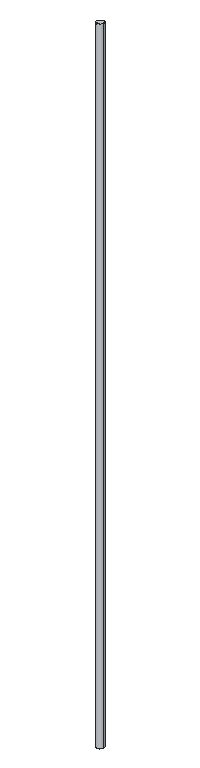
Revit family "Gewindestangen, fvz", category HLS-Bauteile, Revit 2017
Family settings
  Bemaßung runder Anschluss = Durchmesser verwenden
  Teiletyp = Normal
  Arbeitsebenenbasiert = Nein
  Immer vertikal = Nein
  Beim Laden mit Abzugskörper schneiden = Nein
  Gemeinsam genutzt = Ja
  Raumberechnungspunkt = Nein
Parameters (values of type "Gewindestange M12x1000, fvz")
  vpe = "25 St"
  Regelhalter [instance] = ""
  Montagelänge = 1000 mm
  Mengeneinheit = "St"
  Material = "Stahl"
  Länge = 1000 mm
  Kurztext2 = "M12 x 1000 mm fvz FK 8.8"
  Kurztext1 = "Gewindestange DIN 976-1"
  Gewinde = "M12"
  Gewicht pro Stück = (Gewicht * Montagelänge / (1000 mm * 1000)) * 1000  # 0.735 kg
  Gewicht pro Bauteil = Gewicht  # 0.735 kg
  Gewicht = 0.735 kg
  Firma = "MEFA Befestigungs- und Montagesysteme GmbH"
  Festigkeitsklasse = "8.8"
  Fabrikat = "MEFA"
  EAN = "4250928457066"
  D = 9.9 mm
  Artikelnummer = "0739137/fvz"
Types (3, lengths in mm): name | vpe | Kurztext2 | Gewinde | Gewicht pro Stück | Gewicht pro Bauteil | Gewicht | EAN | D | Artikelnummer
  (no name) | "25 St" | "M12 x 1000 mm fvz FK 8.8" | "M12" | 0.735 kg | 0.735 kg | 0.735 kg | "4250928457066" | 9.9 | "0739137/fvz"
  Gewindestange M12x1000, fvz | "25 St" | "M12 x 1000 mm fvz FK 8.8" | "M12" | 0.735 kg | 0.735 kg | 0.735 kg | "4250928457066" | 9.9 | "0739137/fvz"
  Gewindestange M16x1000, fvz | "10 St" | "M16 x 1000 mm fvz FK 8.8" | "M16" | 1.306 kg | 1.306 kg | 1.306 kg | "4250928457073" | 13.6 | "0739162/fvz"
Reference planes
  plane 1 "Mitte (Vorne/hinten)": y = 0
  plane 2: z = 0
  plane 3 "Mitte (Links/rechts)": x = 0
  plane 4: z = 1000
Forms (mm)
  Extrusion 1, solid
    sketch origin (0, 0, 0) x (1, 0, 0) y (0, 1, 0)
      loop
        circle (0, 0) r 4.95
    from 0 to 1000
Lines and regions (mm)
  model lines, not visible
    curve 1: line (10, 0, 1000) -> (-10, 0, 1000)
    curve 2: line (0, 10, 1000) -> (0, -10, 1000)
    curve 3: line (0, 10, 0) -> (0, -10, 0)
    curve 4: line (10, 0, 0) -> (-10, 0, 0)
    curve 5: line (0, 0, 1015.765) -> (0, 0, -34.235)
Dimensions and locks
  "Montagelänge": level to plane 4
  "D": diameter of Extrusion 1 sketch curve
  aligned and locked: level to plane 2
  aligned and locked: Extrusion 1 to level
  aligned and locked: Extrusion 1 to curve 1
  aligned and locked: plane 4 to Extrusion 1
  aligned and locked: curve 2 to plane 4
  aligned and locked: curve 3 to level
  aligned and locked: curve 4 to level
  aligned and locked: plane 3 "Mitte (Links/rechts)" to curve 5
  aligned and locked: curve 5 to plane 1 "Mitte (Vorne/hinten)"
Automatic sketch dimensions
  plane 1 "Mitte (Vorne/hinten)" to curve 2 = 10 mm
  plane 1 "Mitte (Vorne/hinten)" to curve 3 = 10 mm
  curve 3 to plane 1 "Mitte (Vorne/hinten)" = 10 mm
  curve 2 to plane 1 "Mitte (Vorne/hinten)" = 10 mm
  plane 1 "Mitte (Vorne/hinten)" to Extrusion 1 sketch curve = 0 mm
  Extrusion 1 sketch curve to plane 3 "Mitte (Links/rechts)" = 0 mm
  curve 4 to plane 3 "Mitte (Links/rechts)" = 10 mm
  curve 1 to plane 3 "Mitte (Links/rechts)" = 10 mm
  plane 3 "Mitte (Links/rechts)" to curve 4 = 10 mm
  plane 3 "Mitte (Links/rechts)" to curve 1 = 10 mm
  curve 5 to level = 34.235 mm
  plane 4 to curve 5 = 15.765 mm
